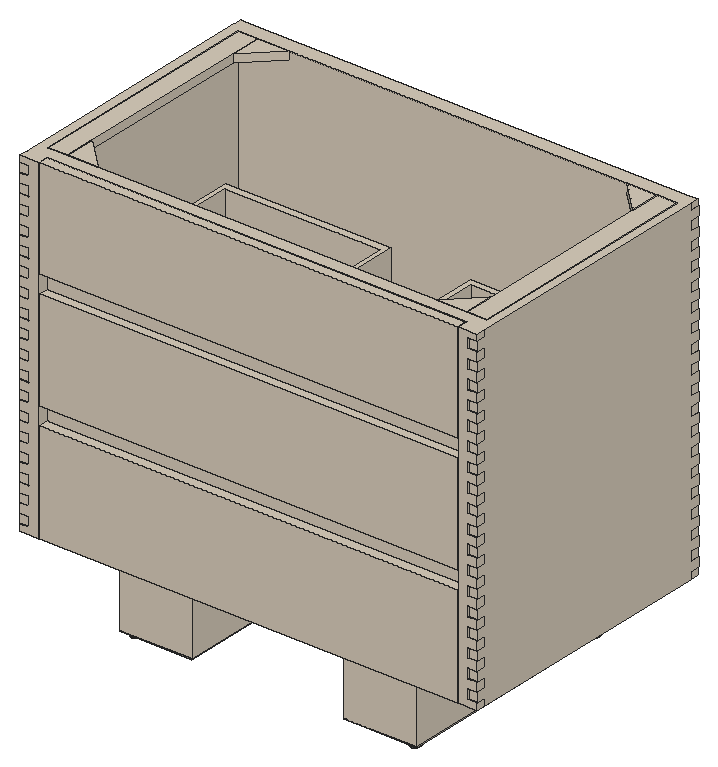
Revit family "Furniture-Floor_Mount-Vanity-KOHLER-Landshapes-K-32298_1", category Casework, host Face, Revit 2021
Family settings
  Host = Face
  OmniClass Number = 23.31.25.13
  OmniClass Title = Bathroom Cabinets
  Cut with Voids When Loaded = No
  Shared = No
  Room Calculation Point = No
Parameters (values of type "STT-White Oak")
  Width = 37.00787"  # constant formula
  WaterSense Certified = 1 = 0  # no
  URL = "https://www.us.kohler.com/us/"
  Type = 1
  Product Page URL = "http://www.us.kohler.com/us/catalog/productDetails.jsp?productNumber=32298"
  Product Name = "Landshapes"  # constant formula
  Product Documentation Link = "https://www.us.kohler.com/webassets/kpna/catalog/pdf/en/K-32298_spec_US-CA_Kohler_en.pdf"
  Model = if(Type = 1, "K-32298-STT", "NA")  # "K-32298-STT"
  Material = "Solid Wood"  # constant formula
  Master Format 2014 Name = "Bathroom Casework"  # constant formula
  Master Format 2014 = "12 35 30.23"  # constant formula
  Manufacturer Address = "Kohler  Co. 444 Highland Dr. Kohler, WI 53044"  # constant formula
  Manufacturer = "Kohler Co."  # constant formula
  Product Finish = Kohler-Wood-STT-White_Oak
  Height = 33.50394"  # constant formula
  Hardware Included = 1 = 0  # no
  Finish = if(Type = 1, "Kohler-Wood-STT", "NA")  # "Kohler-Wood-STT"
  Environmental Product Declaration = ""
  Description = "36 INCHES VANITY - DANIEL ARSHAM"  # constant formula
  Depth = 22.3622"  # constant formula
  Default Elevation = 0"
  Declare Label = ""
  Date Modified = "04/07/2024"  # constant formula
  Date Created = "04/07/2024"  # constant formula
  Copyright = "Copyright Kohler Co."  # constant formula
  Contact Us = "https://www.us.kohler.com/us/static/contact.jsp"
  Construction Type = "Floor Mount"  # constant formula
  Assembly Code = "E2010.30"
  ADA Compliant = 1 = 0  # no
Reference planes (in)
  plane 1 "Center (Front/Back)": y = 0
  plane 2: z = 0
  plane 3 "Center (Left/Right)": x = 0
  plane 4: y = 10.68898
  plane 5: y = -11.20079
  plane 6: x = -18.50394
  plane 7: x = 18.50394
  plane 8: y = -11.67323
  plane 9: z = 33.50394
  plane 10: y = 3.91732
  plane 11: y = -8.95669
  plane 12: x = -6
  plane 13: x = -11.3189
  plane 14: x = -13.89764
  plane 15: x = 6
  plane 16: x = 11.3189
  plane 17: x = 13.89764
  plane 18: z = 11.27559
  plane 19: z = 23.26772
  plane 20: z = 0.27559
  plane 21: z = 6.1811
  plane 22: y = 9.27165
Dimensions and locks (in)
  "Depth": plane 4 to plane 8
  "Height": plane 9 to level
  plane 8 to plane 10 = 15.59055"
  plane 12 to plane 15 = 12"
  plane 20 to level = 0.27559"
  plane 21 to plane 20 = 5.90551"
  plane 18 to plane 20 = 11"
  plane 19 to plane 18 = 11.99213"
  plane 22 to plane 11 = 18.22835"
  "Width": plane 6 to plane 7
  aligned and locked: plane 2 to host face
  aligned and locked: level to host face
  aligned and locked: plane 3 "Center (Left/Right)" to nested 1
  aligned and locked: plane 4 to nested 1
Automatic sketch dimensions
  host sketch curve to host sketch curve = 96"  (x2)
Nested families (in)
  nested 1: "K-32298" at (-0.7377, 12.32677, 0), type "K-32298"
Definition of nested family "K-32298"
  Parameters (values of type "K-32298")
    Material = none
    Depth = 24"
    Height = 33.50394"
    Width = 48"
    Default Elevation = 0"
  Reference planes (in)
    plane 1: z = 0
    plane 2 "Center (Left/Right)": x = 0.7377
    plane 3 "Left": x = -23.2623
    plane 4 "Right": x = 24.7377
    plane 5 "Front": y = -24
    plane 6 "Top": z = 33.50394
    plane 7: x = -17.76623
    plane 8: x = 19.24164
    plane 9: y = -1.6378
    plane 10: x = -16.15206
    plane 11: x = 17.62747
    plane 12: y = -8.40945
    plane 13: x = -5.2623
    plane 14: x = 6.7377
    plane 15: z = 0.27559
    plane 16: z = 6.1811
    plane 17: z = 11.27559
    plane 18: z = 23.26772
    plane 19: x = -10.58119
    plane 20: x = 12.0566
    plane 21: x = -11.28985
    plane 22: x = 12.76526
    plane 23: y = -2.38583
    plane 24: y = -21.28346
    plane 25: y = -3.05512
    plane 26: x = -17.76623
    plane 27: x = 19.24164
    plane 28: x = -16.15206
    plane 29: x = 17.62747
  Forms (in)
    Sweep 1, solid, material <- "Material", detail levels medium+fine
      path origin (0, 0, 0) x (1, 0, 0) y (0, 1, 0)
        loop
          line (-11.28985, -2.38583) -> (-11.28985, -22.0315) -> (-5.38434, -22.0315) -> (-5.38434, -2.38583) -> (-11.28985, -2.38583)
      profile origin (-11.28985, -12.20866, 0) x (1, 0, 0) y (0, 0, 1)
        loop
          line (0, 0.43342) -> (0.11832, 0.3151) -> (0.19685, 0.3151) -> (0.19685, 6.22082) -> (0, 6.22082) -> (0, 0.43342)
    Sweep 2, solid, material <- "Material", detail levels medium+fine
      path origin (1.47541, 0, 0) x (-1, 0, 0) y (0, -1, 0)
        loop
          line (-11.28985, 2.38583) -> (-5.38434, 2.38583) -> (-5.38434, 22.0315) -> (-11.28985, 22.0315) -> (-11.28985, 2.38583)
      profile origin (12.76526, -12.20866, 0) x (1, 0, 0) y (0, 0, 1)
        loop
          line (0, 0.43342) -> (0, 6.22082) -> (-0.19685, 6.22082) -> (-0.19685, 0.3151) -> (-0.11832, 0.3151) -> (0, 0.43342)
    Extrusion 3, solid, material <- "Material", detail levels medium+fine
      sketch origin (0, 0, 0) x (1, 0, 0) y (0, 1, 0)
        loop
          line (-11.093, -21.83465) -> (-5.58119, -21.83465) -> (-5.58119, -2.58268) -> (-11.093, -2.58268) -> (-11.093, -21.83465)
        loop
          line (7.0566, -2.58268) -> (7.0566, -21.83465) -> (12.56841, -21.83465) -> (12.56841, -2.58268) -> (7.0566, -2.58268)
      from 0.3151 to 6.22082
    Extrusion 4, solid, material <- "Material", detail levels medium+fine
      sketch origin (0, 0, 0) x (1, 0, 0) y (0, 1, 0)
        loop
          line (-16.27017, -24) -> (-16.27017, -23.17323) -> (17.74558, -23.17323) -> (17.74558, -23.25197) -> (17.74558, -24) -> (19.24164, -24) -> (19.24164, -1.6378) -> (18.49361, -1.6378) -> (-17.0182, -1.6378) -> (-17.76623, -1.6378) -> (-17.76623, -24) -> (-16.27017, -24)
        loop
          line (-17.0182, -22.11024) -> (18.49361, -22.11024) -> (18.49361, -2.85827) -> (-17.0182, -2.85827) -> (-17.0182, -22.11024)
      from 6.22082 to 33.46492
    Extrusion 5, void
      sketch origin (0.7377, 0, 0) x (0, 1, 0) y (0, 0, 1)
        loop
          line (-23.25197, 32.97279) -> (-23.25197, 33.54366) -> (-24.82677, 33.54366) -> (-24.82677, 5.9846) -> (-23.25197, 5.9846) -> (-23.25197, 6.79169) -> (-24, 6.79169) -> (-24, 7.53972) -> (-23.25197, 7.53972) -> (-23.25197, 8.28775) -> (-24, 8.28775) -> (-24, 9.03579) -> (-23.25197, 9.03579) -> (-23.25197, 9.78382) -> (-24, 9.78382) -> (-24, 10.53185) -> (-23.25197, 10.53185) -> (-23.25197, 11.27988) -> (-24, 11.27988) -> (-24, 12.02791) -> (-23.25197, 12.02791) -> (-23.25197, 12.77594) -> (-24, 12.77594) -> (-24, 13.52397) -> (-23.25197, 13.52397) -> (-23.25197, 14.27201) -> (-24, 14.27201) -> (-24, 15.02004) -> (-23.25197, 15.02004) -> (-23.25197, 15.76807) -> (-24, 15.76807) -> (-24, 16.5161) -> (-23.25197, 16.5161) -> (-23.25197, 17.26413) -> (-24, 17.26413) -> (-24, 18.01216) -> (-23.25197, 18.01216) -> (-23.25197, 18.76019) -> (-24, 18.76019) -> (-24, 19.50823) -> (-23.25197, 19.50823) -> (-23.25197, 20.25626) -> (-24, 20.25626) -> (-24, 21.00429) -> (-23.25197, 21.00429) -> (-23.25197, 21.75232) -> (-24, 21.75232) -> (-24, 22.50035) -> (-23.25197, 22.50035) -> (-23.25197, 23.24838) -> (-24, 23.24838) -> (-24, 23.99641) -> (-23.25197, 23.99641) -> (-23.25197, 24.74445) -> (-24, 24.74445) -> (-24, 25.49248) -> (-23.25197, 25.49248) -> (-23.25197, 26.24051) -> (-24, 26.24051) -> (-24, 26.98854) -> (-23.25197, 26.98854) -> (-23.25197, 27.73657) -> (-24, 27.73657) -> (-24, 28.4846) -> (-23.25197, 28.4846) -> (-23.25197, 29.23264) -> (-24, 29.23264) -> (-24, 29.98067) -> (-23.25197, 29.98067) -> (-23.25197, 30.7287) -> (-24, 30.7287) -> (-24, 31.47673) -> (-23.25197, 31.47673) -> (-23.25197, 32.22476) -> (-24, 32.22476) -> (-24, 32.97279) -> (-23.25197, 32.97279)
        loop
          line (-2.38583, 32.97279) -> (-1.6378, 32.97279) -> (-1.6378, 32.22476) -> (-2.38583, 32.22476) -> (-2.38583, 31.47673) -> (-1.6378, 31.47673) -> (-1.6378, 30.7287) -> (-2.38583, 30.7287) -> (-2.38583, 29.98067) -> (-1.6378, 29.98067) -> (-1.6378, 29.23264) -> (-2.38583, 29.23264) -> (-2.38583, 28.4846) -> (-1.6378, 28.4846) -> (-1.6378, 27.73657) -> (-2.38583, 27.73657) -> (-2.38583, 26.98854) -> (-1.6378, 26.98854) -> (-1.6378, 26.24051) -> (-2.38583, 26.24051) -> (-2.38583, 25.49248) -> (-1.6378, 25.49248) -> (-1.6378, 24.74445) -> (-2.38583, 24.74445) -> (-2.38583, 23.99641) -> (-1.6378, 23.99641) -> (-1.6378, 23.24838) -> (-2.38583, 23.24838) -> (-2.38583, 22.50035) -> (-1.6378, 22.50035) -> (-1.6378, 21.75232) -> (-2.38583, 21.75232) -> (-2.38583, 21.00429) -> (-1.6378, 21.00429) -> (-1.6378, 20.25626) -> (-2.38583, 20.25626) -> (-2.38583, 19.50823) -> (-1.6378, 19.50823) -> (-1.6378, 18.76019) -> (-2.38583, 18.76019) -> (-2.38583, 18.01216) -> (-1.6378, 18.01216) -> (-1.6378, 17.26413) -> (-2.38583, 17.26413) -> (-2.38583, 16.5161) -> (-1.6378, 16.5161) -> (-1.6378, 15.76807) -> (-2.38583, 15.76807) -> (-2.38583, 15.02004) -> (-1.6378, 15.02004) -> (-1.6378, 14.27201) -> (-2.38583, 14.27201) -> (-2.38583, 13.52397) -> (-1.6378, 13.52397) -> (-1.6378, 12.77594) -> (-2.38583, 12.77594) -> (-2.38583, 12.02791) -> (-1.6378, 12.02791) -> (-1.6378, 11.27988) -> (-2.38583, 11.27988) -> (-2.38583, 10.53185) -> (-1.6378, 10.53185) -> (-1.6378, 9.78382) -> (-2.38583, 9.78382) -> (-2.38583, 9.03579) -> (-1.6378, 9.03579) -> (-1.6378, 8.28775) -> (-2.38583, 8.28775) -> (-2.38583, 7.53972) -> (-1.6378, 7.53972) -> (-1.6378, 6.79169) -> (-2.38583, 6.79169) -> (-2.38583, 5.9846) -> (-0.81102, 5.9846) -> (-0.81102, 33.54366) -> (-2.38583, 33.54366) -> (-2.38583, 32.97279)
      from 18.47723 to 19.00922
    Extrusion 6, void
      sketch origin (0.7377, 0, 0) x (0, 1, 0) y (0, 0, -1)
        loop
          line (-23.25197, -32.97279) -> (-24, -32.97279) -> (-24, -32.22476) -> (-23.25197, -32.22476) -> (-23.25197, -31.47673) -> (-24, -31.47673) -> (-24, -30.7287) -> (-23.25197, -30.7287) -> (-23.25197, -29.98067) -> (-24, -29.98067) -> (-24, -29.23264) -> (-23.25197, -29.23264) -> (-23.25197, -28.4846) -> (-24, -28.4846) -> (-24, -27.73657) -> (-23.25197, -27.73657) -> (-23.25197, -26.98854) -> (-24, -26.98854) -> (-24, -26.24051) -> (-23.25197, -26.24051) -> (-23.25197, -25.49248) -> (-24, -25.49248) -> (-24, -24.74445) -> (-23.25197, -24.74445) -> (-23.25197, -23.99641) -> (-24, -23.99641) -> (-24, -23.24838) -> (-23.25197, -23.24838) -> (-23.25197, -22.50035) -> (-24, -22.50035) -> (-24, -21.75232) -> (-23.25197, -21.75232) -> (-23.25197, -21.00429) -> (-24, -21.00429) -> (-24, -20.25626) -> (-23.25197, -20.25626) -> (-23.25197, -19.50823) -> (-24, -19.50823) -> (-24, -18.76019) -> (-23.25197, -18.76019) -> (-23.25197, -18.01216) -> (-24, -18.01216) -> (-24, -17.26413) -> (-23.25197, -17.26413) -> (-23.25197, -16.5161) -> (-24, -16.5161) -> (-24, -15.76807) -> (-23.25197, -15.76807) -> (-23.25197, -15.02004) -> (-24, -15.02004) -> (-24, -14.27201) -> (-23.25197, -14.27201) -> (-23.25197, -13.52397) -> (-24, -13.52397) -> (-24, -12.77594) -> (-23.25197, -12.77594) -> (-23.25197, -12.02791) -> (-24, -12.02791) -> (-24, -11.27988) -> (-23.25197, -11.27988) -> (-23.25197, -10.53185) -> (-24, -10.53185) -> (-24, -9.78382) -> (-23.25197, -9.78382) -> (-23.25197, -9.03579) -> (-24, -9.03579) -> (-24, -8.28775) -> (-23.25197, -8.28775) -> (-23.25197, -7.53972) -> (-24, -7.53972) -> (-24, -6.79169) -> (-23.25197, -6.79169) -> (-23.25197, -5.9846) -> (-24.82677, -5.9846) -> (-24.82677, -33.54366) -> (-23.25197, -33.54366) -> (-23.25197, -32.97279)
        loop
          line (-2.38583, -32.97279) -> (-2.38583, -33.54366) -> (-0.81102, -33.54366) -> (-0.81102, -5.9846) -> (-2.38583, -5.9846) -> (-2.38583, -6.79169) -> (-1.6378, -6.79169) -> (-1.6378, -7.53972) -> (-2.38583, -7.53972) -> (-2.38583, -8.28775) -> (-1.6378, -8.28775) -> (-1.6378, -9.03579) -> (-2.38583, -9.03579) -> (-2.38583, -9.78382) -> (-1.6378, -9.78382) -> (-1.6378, -10.53185) -> (-2.38583, -10.53185) -> (-2.38583, -11.27988) -> (-1.6378, -11.27988) -> (-1.6378, -12.02791) -> (-2.38583, -12.02791) -> (-2.38583, -12.77594) -> (-1.6378, -12.77594) -> (-1.6378, -13.52397) -> (-2.38583, -13.52397) -> (-2.38583, -14.27201) -> (-1.6378, -14.27201) -> (-1.6378, -15.02004) -> (-2.38583, -15.02004) -> (-2.38583, -15.76807) -> (-1.6378, -15.76807) -> (-1.6378, -16.5161) -> (-2.38583, -16.5161) -> (-2.38583, -17.26413) -> (-1.6378, -17.26413) -> (-1.6378, -18.01216) -> (-2.38583, -18.01216) -> (-2.38583, -18.76019) -> (-1.6378, -18.76019) -> (-1.6378, -19.50823) -> (-2.38583, -19.50823) -> (-2.38583, -20.25626) -> (-1.6378, -20.25626) -> (-1.6378, -21.00429) -> (-2.38583, -21.00429) -> (-2.38583, -21.75232) -> (-1.6378, -21.75232) -> (-1.6378, -22.50035) -> (-2.38583, -22.50035) -> (-2.38583, -23.24838) -> (-1.6378, -23.24838) -> (-1.6378, -23.99641) -> (-2.38583, -23.99641) -> (-2.38583, -24.74445) -> (-1.6378, -24.74445) -> (-1.6378, -25.49248) -> (-2.38583, -25.49248) -> (-2.38583, -26.24051) -> (-1.6378, -26.24051) -> (-1.6378, -26.98854) -> (-2.38583, -26.98854) -> (-2.38583, -27.73657) -> (-1.6378, -27.73657) -> (-1.6378, -28.4846) -> (-2.38583, -28.4846) -> (-2.38583, -29.23264) -> (-1.6378, -29.23264) -> (-1.6378, -29.98067) -> (-2.38583, -29.98067) -> (-2.38583, -30.7287) -> (-1.6378, -30.7287) -> (-1.6378, -31.47673) -> (-2.38583, -31.47673) -> (-2.38583, -32.22476) -> (-1.6378, -32.22476) -> (-1.6378, -32.97279) -> (-2.38583, -32.97279)
      from 18.48902 to 19.92126
    Extrusion 7, void
      sketch origin (0, -24, 0) x (1, 0, 0) y (0, 0, 1)
        loop
          line (-17.0182, 32.97279) -> (-17.76623, 32.97279) -> (-17.76623, 33.76019) -> (-18.35678, 33.76019) -> (-18.35678, 5.80744) -> (-17.76623, 5.80744) -> (-17.76623, 6.79169) -> (-17.0182, 6.79169) -> (-17.0182, 7.53972) -> (-17.76623, 7.53972) -> (-17.76623, 8.28775) -> (-17.0182, 8.28775) -> (-17.0182, 9.03579) -> (-17.76623, 9.03579) -> (-17.76623, 9.78382) -> (-17.0182, 9.78382) -> (-17.0182, 10.53185) -> (-17.76623, 10.53185) -> (-17.76623, 11.27988) -> (-17.0182, 11.27988) -> (-17.0182, 12.02791) -> (-17.76623, 12.02791) -> (-17.76623, 12.77594) -> (-17.0182, 12.77594) -> (-17.0182, 13.52397) -> (-17.76623, 13.52397) -> (-17.76623, 14.27201) -> (-17.0182, 14.27201) -> (-17.0182, 15.02004) -> (-17.76623, 15.02004) -> (-17.76623, 15.76807) -> (-17.0182, 15.76807) -> (-17.0182, 16.5161) -> (-17.76623, 16.5161) -> (-17.76623, 17.26413) -> (-17.0182, 17.26413) -> (-17.0182, 18.01216) -> (-17.76623, 18.01216) -> (-17.76623, 18.76019) -> (-17.0182, 18.76019) -> (-17.0182, 19.50823) -> (-17.76623, 19.50823) -> (-17.76623, 20.25626) -> (-17.0182, 20.25626) -> (-17.0182, 21.00429) -> (-17.76623, 21.00429) -> (-17.76623, 21.75232) -> (-17.0182, 21.75232) -> (-17.0182, 22.50035) -> (-17.76623, 22.50035) -> (-17.76623, 23.24838) -> (-17.0182, 23.24838) -> (-17.0182, 23.99641) -> (-17.76623, 23.99641) -> (-17.76623, 24.74445) -> (-17.0182, 24.74445) -> (-17.0182, 25.49248) -> (-17.76623, 25.49248) -> (-17.76623, 26.24051) -> (-17.0182, 26.24051) -> (-17.0182, 26.98854) -> (-17.76623, 26.98854) -> (-17.76623, 27.73657) -> (-17.0182, 27.73657) -> (-17.0182, 28.4846) -> (-17.76623, 28.4846) -> (-17.76623, 29.23264) -> (-17.0182, 29.23264) -> (-17.0182, 29.98067) -> (-17.76623, 29.98067) -> (-17.76623, 30.7287) -> (-17.0182, 30.7287) -> (-17.0182, 31.47673) -> (-17.76623, 31.47673) -> (-17.76623, 32.22476) -> (-17.0182, 32.22476) -> (-17.0182, 32.97279)
        loop
          line (18.49361, 32.97279) -> (18.49361, 32.22476) -> (19.24164, 32.22476) -> (19.24164, 31.47673) -> (18.49361, 31.47673) -> (18.49361, 30.7287) -> (19.24164, 30.7287) -> (19.24164, 29.98067) -> (18.49361, 29.98067) -> (18.49361, 29.23264) -> (19.24164, 29.23264) -> (19.24164, 28.4846) -> (18.49361, 28.4846) -> (18.49361, 27.73657) -> (19.24164, 27.73657) -> (19.24164, 26.98854) -> (18.49361, 26.98854) -> (18.49361, 26.24051) -> (19.24164, 26.24051) -> (19.24164, 25.49248) -> (18.49361, 25.49248) -> (18.49361, 24.74445) -> (19.24164, 24.74445) -> (19.24164, 23.99641) -> (18.49361, 23.99641) -> (18.49361, 23.24838) -> (19.24164, 23.24838) -> (19.24164, 22.50035) -> (18.49361, 22.50035) -> (18.49361, 21.75232) -> (19.24164, 21.75232) -> (19.24164, 21.00429) -> (18.49361, 21.00429) -> (18.49361, 20.25626) -> (19.24164, 20.25626) -> (19.24164, 19.50823) -> (18.49361, 19.50823) -> (18.49361, 18.76019) -> (19.24164, 18.76019) -> (19.24164, 18.01216) -> (18.49361, 18.01216) -> (18.49361, 17.26413) -> (19.24164, 17.26413) -> (19.24164, 16.5161) -> (18.49361, 16.5161) -> (18.49361, 15.76807) -> (19.24164, 15.76807) -> (19.24164, 15.02004) -> (18.49361, 15.02004) -> (18.49361, 14.27201) -> (19.24164, 14.27201) -> (19.24164, 13.52397) -> (18.49361, 13.52397) -> (18.49361, 12.77594) -> (19.24164, 12.77594) -> (19.24164, 12.02791) -> (18.49361, 12.02791) -> (18.49361, 11.27988) -> (19.24164, 11.27988) -> (19.24164, 10.53185) -> (18.49361, 10.53185) -> (18.49361, 9.78382) -> (19.24164, 9.78382) -> (19.24164, 9.03579) -> (18.49361, 9.03579) -> (18.49361, 8.28775) -> (19.24164, 8.28775) -> (19.24164, 7.53972) -> (18.49361, 7.53972) -> (18.49361, 6.79169) -> (19.24164, 6.79169) -> (19.24164, 5.80744) -> (19.83219, 5.80744) -> (19.83219, 33.76019) -> (19.24164, 33.76019) -> (19.24164, 32.97279) -> (18.49361, 32.97279)
      from -0.03852 to 2.32553
    Extrusion 8, solid, material <- "Material", detail levels medium+fine
      sketch origin (0, -24, 0) x (1, 0, 0) y (0, 0, 1)
        loop
          line (-16.15206, 25.39405) -> (17.62747, 25.39405) -> (17.62747, 33.46492) -> (-16.15206, 33.46492) -> (-16.15206, 25.39405)
        loop
          line (17.62747, 23.93736) -> (-16.15206, 23.93736) -> (-16.15206, 15.86649) -> (17.62747, 15.86649) -> (17.62747, 23.93736)
        loop
          line (17.62747, 6.22082) -> (17.62747, 14.4098) -> (-16.15206, 14.4098) -> (-16.15206, 6.22082) -> (17.62747, 6.22082)
      from -0.82677 to -0.03852
    Extrusion 9, solid, material <- "Material", detail levels medium+fine
      sketch origin (0, 0, 0) x (1, 0, 0) y (0, 1, 0)
        loop
          line (-17.0182, -2.85827) -> (-17.0182, -22.11024) -> (18.49361, -22.11024) -> (18.49361, -2.85827) -> (-17.0182, -2.85827)
      from 6.22082 to 6.81521
    Extrusion 10, solid, material <- "Material", detail levels medium+fine
      sketch origin (0, 0, 0) x (1, 0, 0) y (0, 1, 0)
        loop
          line (18.49361, -2.85827) -> (14.41487, -2.85827) -> (16.91881, -5.3622) -> (16.91881, -19.6063) -> (14.41487, -22.11024) -> (18.49361, -22.11024) -> (18.49361, -2.85827)
        loop
          line (-17.0182, -22.11024) -> (-12.93946, -22.11024) -> (-15.4434, -19.6063) -> (-15.4434, -5.3622) -> (-12.93946, -2.85827) -> (-17.0182, -2.85827) -> (-17.0182, -22.11024)
      from 32.79563 to 33.46492
    Extrusion 11, void
      sketch origin (0, 0, 0) x (1, 0, 0) y (0, 1, 0)
        loop
          line (16.91881, -5.3622) -> (16.91881, -2.85827) -> (16.87676, -2.85827) -> (16.87676, -5.32016) -> (16.91881, -5.3622)
        loop
          line (16.91881, -19.6063) -> (16.87676, -19.64835) -> (16.87676, -22.11024) -> (16.91881, -22.11024) -> (16.91881, -19.6063)
        loop
          line (-15.4434, -5.3622) -> (-15.40135, -5.32016) -> (-15.40135, -2.85827) -> (-15.4434, -2.85827) -> (-15.4434, -5.3622)
        loop
          line (-15.4434, -19.6063) -> (-15.4434, -22.11024) -> (-15.40135, -22.11024) -> (-15.40135, -19.64835) -> (-15.4434, -19.6063)
      from 32.28765 to 38.28806
    Extrusion 12, solid, material <- "Material", detail levels medium+fine
      sketch origin (0, 0, 0) x (1, 0, 0) y (0, 1, 0)
        loop
          line (-2.90403, -6.08661) -> (-2.90403, -23.09449) -> (-2.51033, -23.09449) -> (-2.51033, -15.77165) -> (3.98574, -15.77165) -> (3.98574, -23.09449) -> (4.37944, -23.09449) -> (4.37944, -6.08661) -> (16.97518, -6.08661) -> (16.97518, -22.11024) -> (17.35188, -22.11024) -> (17.35188, -5.5748) -> (3.98574, -5.5748) -> (3.98574, -15.37795) -> (-2.51033, -15.37795) -> (-2.51033, -5.5748) -> (-15.87647, -5.5748) -> (-15.87647, -22.62205) -> (-15.48277, -22.62205) -> (-15.48277, -6.08661) -> (-2.90403, -6.08661)
      from 16.5161 to 23.99641
    Extrusion 13, solid, material <- "Material"
      sketch origin (0, 0, 0) x (1, 0, 0) y (0, 1, 0)
        loop
          line (17.35188, -5.5748) -> (-15.87647, -5.5748) -> (-15.87647, -23.2126) -> (-15.48277, -23.2126) -> (-15.48277, -6.08661) -> (16.76133, -6.08661) -> (16.76133, -22.70079) -> (17.35188, -22.70079) -> (17.35188, -5.5748)
      from 8.28775 to 13.94324
    Extrusion 14, solid, material <- "Material", detail levels medium+fine
      sketch origin (0, 0, 0) x (1, 0, 0) y (0, 1, 0)
        loop
          line (-15.48277, -6.08661) -> (-15.48277, -23.09449) -> (16.97518, -23.09449) -> (16.97518, -6.08661) -> (3.88731, -6.08661) -> (3.88731, -15.37795) -> (-2.60875, -15.37795) -> (-2.60875, -6.08661) -> (-15.48277, -6.08661)
      from 16.5161 to 17.14986
    Extrusion 15, solid, material <- "Material"
      sketch origin (0, 0, 0) x (1, 0, 0) y (0, 1, 0)
        loop
          line (-15.48277, -6.08661) -> (-15.48277, -23.09449) -> (16.76133, -23.09449) -> (16.76133, -6.08661) -> (-15.48277, -6.08661)
      from 8.28775 to 8.62613
    Extrusion 16, solid, detail levels medium+fine
      sketch origin (0, -24, 0) x (1, 0, 0) y (0, 0, 1)
        loop
          line (-16.07332, 15.5476) -> (-14.82529, 15.5476)
          arc (-14.82529, 15.5476) -> (-14.74177, 15.58219) -> (-14.70718, 15.66571) r 0.11811
          line (-14.70718, 15.66571) -> (-14.70718, 16.08303) -> (-15.06151, 16.08303) -> (-15.06151, 15.92555) -> (-14.78592, 15.92555) -> (-14.78592, 15.66569)
          arc (-14.78592, 15.66569) -> (-14.79745, 15.63786) -> (-14.82529, 15.62632) r 0.03937
          line (-14.82529, 15.62632) -> (-16.07332, 15.62632)
          arc (-16.07332, 15.62632) -> (-16.15684, 15.66092) -> (-16.19143, 15.74443) r 0.11811
          line (-16.19143, 15.74443) -> (-16.19143, 16.18231) -> (-16.15206, 16.22168) -> (-16.15206, 16.86059) -> (-16.27017, 16.86059) -> (-16.27017, 16.55547) -> (-16.46702, 16.55547) -> (-16.46702, 16.16177) -> (-16.27017, 16.16177) -> (-16.27017, 15.74445)
          arc (-16.27017, 15.74445) -> (-16.21251, 15.60525) -> (-16.07332, 15.5476) r 0.19685
        loop
          line (-14.68299, 15.62632) -> (-14.39161, 15.62632) -> (-14.39161, 15.69236) -> (-14.49166, 15.69236) -> (-14.49166, 15.82494) -> (-14.42531, 15.82494) -> (-14.42531, 16.1072) -> (-13.83476, 16.1072) -> (-13.83476, 16.21386) -> (-13.49888, 16.21386) -> (-13.49888, 16.44956) -> (-13.6462, 16.44956) -> (-13.6462, 16.5161) -> (-15.48277, 16.5161) -> (-15.48277, 16.1072) -> (-15.38149, 16.1072) -> (-15.38149, 15.64563) -> (-14.92894, 15.64563) -> (-14.92894, 15.91035) -> (-15.07669, 15.91035) -> (-15.07669, 16.1072) -> (-14.68299, 16.1072) -> (-14.68299, 15.62632)
        loop
          arc (17.54873, 15.5476) -> (17.68792, 15.60525) -> (17.74558, 15.74445) r 0.19685
          line (17.74558, 15.74445) -> (17.74558, 16.16177) -> (17.94243, 16.16177) -> (17.94243, 16.55547) -> (17.74558, 16.55547) -> (17.74558, 16.86059) -> (17.62747, 16.86059) -> (17.62747, 16.22168) -> (17.66684, 16.18231) -> (17.66684, 15.74443)
          arc (17.66684, 15.74443) -> (17.63225, 15.66092) -> (17.54873, 15.62632) r 0.11811
          line (17.54873, 15.62632) -> (16.06448, 15.62632)
          arc (16.06448, 15.62632) -> (16.03664, 15.63786) -> (16.02511, 15.66569) r 0.03937
          line (16.02511, 15.66569) -> (16.02511, 15.92555) -> (16.3007, 15.92555) -> (16.3007, 16.08303) -> (15.94637, 16.08303) -> (15.94637, 15.66571)
          arc (15.94637, 15.66571) -> (15.98096, 15.58219) -> (16.06448, 15.5476) r 0.11811
          line (16.06448, 15.5476) -> (17.54873, 15.5476)
        loop
          line (15.92218, 15.62632) -> (15.92218, 16.1072) -> (16.31588, 16.1072) -> (16.31588, 15.91035) -> (16.16813, 15.91035) -> (16.16813, 15.64563) -> (16.62067, 15.64563) -> (16.62067, 16.1072) -> (16.72196, 16.1072) -> (16.72196, 16.5161) -> (14.82633, 16.5161) -> (14.82633, 16.44956) -> (14.67902, 16.44956) -> (14.67902, 16.21386) -> (15.0149, 16.21386) -> (15.0149, 16.1072) -> (15.60545, 16.1072) -> (15.60545, 15.82494) -> (15.73085, 15.82494) -> (15.73085, 15.69236) -> (15.57175, 15.69236) -> (15.57175, 15.62632) -> (15.92218, 15.62632)
        loop
          line (-16.07332, 7.31925) -> (-14.82529, 7.31925)
          arc (-14.82529, 7.31925) -> (-14.74177, 7.35384) -> (-14.70718, 7.43736) r 0.11811
          line (-14.70718, 7.43736) -> (-14.70718, 7.85468) -> (-15.06151, 7.85468) -> (-15.06151, 7.6972) -> (-14.78592, 7.6972) -> (-14.78592, 7.43735)
          arc (-14.78592, 7.43735) -> (-14.79745, 7.40951) -> (-14.82529, 7.39798) r 0.03937
          line (-14.82529, 7.39798) -> (-16.07332, 7.39798)
          arc (-16.07332, 7.39798) -> (-16.15684, 7.43257) -> (-16.19143, 7.51609) r 0.11811
          line (-16.19143, 7.51609) -> (-16.19143, 7.95397) -> (-16.15206, 7.99334) -> (-16.15206, 8.63224) -> (-16.27017, 8.63224) -> (-16.27017, 8.32712) -> (-16.46702, 8.32712) -> (-16.46702, 7.93342) -> (-16.27017, 7.93342) -> (-16.27017, 7.5161)
          arc (-16.27017, 7.5161) -> (-16.21251, 7.37691) -> (-16.07332, 7.31925) r 0.19685
        loop
          line (-14.68299, 7.39798) -> (-14.19476, 7.39798) -> (-14.19476, 7.46401) -> (-14.35387, 7.46401) -> (-14.35387, 7.5966) -> (-14.22846, 7.5966) -> (-14.22846, 7.87886) -> (-13.63791, 7.87886) -> (-13.63791, 7.98551) -> (-13.30203, 7.98551) -> (-13.30203, 8.22121) -> (-13.44935, 8.22121) -> (-13.44935, 8.28775) -> (-15.48277, 8.28775) -> (-15.48277, 7.87886) -> (-15.38149, 7.87886) -> (-15.38149, 7.41729) -> (-14.92894, 7.41729) -> (-14.92894, 7.68201) -> (-15.07669, 7.68201) -> (-15.07669, 7.87886) -> (-14.68299, 7.87886) -> (-14.68299, 7.39798)
        loop
          arc (17.54873, 7.31925) -> (17.68792, 7.37691) -> (17.74558, 7.5161) r 0.19685
          line (17.74558, 7.5161) -> (17.74558, 7.93342) -> (17.94243, 7.93342) -> (17.94243, 8.32712) -> (17.74558, 8.32712) -> (17.74558, 8.63224) -> (17.62747, 8.63224) -> (17.62747, 7.99334) -> (17.66684, 7.95397) -> (17.66684, 7.51609)
          arc (17.66684, 7.51609) -> (17.63225, 7.43257) -> (17.54873, 7.39798) r 0.11811
          line (17.54873, 7.39798) -> (16.35975, 7.39798)
          arc (16.35975, 7.39798) -> (16.33191, 7.40951) -> (16.32038, 7.43735) r 0.03937
          line (16.32038, 7.43735) -> (16.32038, 7.6972) -> (16.59597, 7.6972) -> (16.59597, 7.85468) -> (16.24164, 7.85468) -> (16.24164, 7.43736)
          arc (16.24164, 7.43736) -> (16.27624, 7.35384) -> (16.35975, 7.31925) r 0.11811
          line (16.35975, 7.31925) -> (17.54873, 7.31925)
        loop
          line (16.21745, 7.39798) -> (16.21745, 7.87886) -> (16.61116, 7.87886) -> (16.61116, 7.68201) -> (16.4634, 7.68201) -> (16.4634, 7.41729) -> (16.91595, 7.41729) -> (16.91595, 7.87886) -> (17.01723, 7.87886) -> (17.01723, 8.28775) -> (15.12161, 8.28775) -> (15.12161, 8.22121) -> (14.97429, 8.22121) -> (14.97429, 7.98551) -> (15.31017, 7.98551) -> (15.31017, 7.87886) -> (15.90072, 7.87886) -> (15.90072, 7.5966) -> (16.02613, 7.5966) -> (16.02613, 7.46401) -> (15.86702, 7.46401) -> (15.86702, 7.39798) -> (16.21745, 7.39798)
      from -18.65126 to -1.37795
    Revolve 17, solid, detail levels medium+fine
      sketch origin (0, -21.28346, 42.3372) x (0, 0, 1) y (-1, 0, 0)
        loop
          line (-42.3372, 10.58119) -> (-42.02188, 10.58119) -> (-42.02188, 10.97489) -> (-42.28835, 10.97489)
          arc (-42.28835, 10.97489) -> (-42.32289, 10.96059) -> (-42.3372, 10.92604) r 0.04885
          line (-42.3372, 10.92604) -> (-42.3372, 10.58119)
        axis (-42.3372, 10.58119) -> (-42.02188, 10.58119)
      angle from 0 to 360
    Revolve 18, solid, detail levels medium+fine
      sketch origin (0, -3.13386, 42.3372) x (0, 0, 1) y (1, 0, 0)
        loop
          line (-42.3372, -10.58119) -> (-42.3372, -10.92604)
          arc (-42.3372, -10.92604) -> (-42.32289, -10.96059) -> (-42.28835, -10.97489) r 0.04885
          line (-42.28835, -10.97489) -> (-42.02188, -10.97489) -> (-42.02188, -10.58119) -> (-42.3372, -10.58119)
        axis (-42.3372, -10.58119) -> (-42.02188, -10.58119)
      angle from 0 to 360
    Revolve 19, solid, detail levels medium+fine
      sketch origin (1.47541, -21.28346, 42.3372) x (0, 0, 1) y (-1, 0, 0)
        loop
          line (-42.3372, -10.58119) -> (-42.3372, -10.92604)
          arc (-42.3372, -10.92604) -> (-42.32289, -10.96059) -> (-42.28835, -10.97489) r 0.04885
          line (-42.28835, -10.97489) -> (-42.02188, -10.97489) -> (-42.02188, -10.58119) -> (-42.3372, -10.58119)
        axis (-42.3372, -10.58119) -> (-42.02188, -10.58119)
      angle from 0 to 360
    Revolve 20, solid, detail levels medium+fine
      sketch origin (1.47541, -3.13386, 42.3372) x (0, 0, 1) y (1, 0, 0)
        loop
          line (-42.3372, 10.58119) -> (-42.02188, 10.58119) -> (-42.02188, 10.97489) -> (-42.28835, 10.97489)
          arc (-42.28835, 10.97489) -> (-42.32289, 10.96059) -> (-42.3372, 10.92604) r 0.04885
          line (-42.3372, 10.92604) -> (-42.3372, 10.58119)
        axis (-42.3372, 10.58119) -> (-42.02188, 10.58119)
      angle from 0 to 360
    Extrusion 21, solid, material <- "Material", detail levels medium+fine
      sketch origin (24.7377, 0, 0) x (0, -1, 0) y (0, 0, 1)
        loop
          arc (17.37743, 24.24357) -> (16.99426, 23.98754) -> (16.54227, 23.89764) r 1.1811
          line (16.54227, 23.89764) -> (22.84148, 23.89764) -> (22.84148, 27.75591) -> (21.37899, 27.75591)
          arc (21.37899, 27.75591) -> (20.927, 27.666) -> (20.54383, 27.40997) r 1.1811
          line (20.54383, 27.40997) -> (17.37743, 24.24357)
      from 7.48425 to 7.86095
    Extrusion 22, solid, material <- "Material", detail levels medium+fine
      sketch origin (-23.2623, 0, 0) x (0, -1, 0) y (0, 0, -1)
        loop
          line (17.37743, -24.24357) -> (20.54383, -27.40997)
          arc (20.54383, -27.40997) -> (20.927, -27.666) -> (21.37899, -27.75591) r 1.1811
          line (21.37899, -27.75591) -> (22.84148, -27.75591) -> (22.84148, -23.89764) -> (16.54227, -23.89764)
          arc (16.54227, -23.89764) -> (16.99426, -23.98754) -> (17.37743, -24.24357) r 1.1811
      from 7.38583 to 7.77953
    Extrusion 23, solid, material <- "Material", detail levels coarse
      sketch origin (0, 0.03937, 0) x (1, 0, 0) y (0, 1, 0)
        loop
          line (-17.76623, -24) -> (4.47786, -24) -> (19.24164, -24) -> (19.24164, -1.6378) -> (18.49361, -1.6378) -> (-17.0182, -1.6378) -> (-17.76623, -1.6378) -> (-17.76623, -24)
        loop
          line (-17.0182, -22.11024) -> (18.49361, -22.11024) -> (18.49361, -2.85827) -> (-17.0182, -2.85827) -> (-17.0182, -22.11024)
      from 6.22082 to 33.46492
    Extrusion 24, solid, material <- "Material", detail levels coarse
      sketch origin (-0.09843, 0, 0) x (1, 0, 0) y (0, 1, 0)
        loop
          line (-2.90403, -6.08661) -> (-2.90403, -23.09449) -> (-2.51033, -23.09449) -> (-2.51033, -15.77165) -> (3.98574, -15.77165) -> (3.98574, -23.09449) -> (4.37944, -23.09449) -> (4.37944, -6.08661) -> (16.97518, -6.08661) -> (16.97518, -22.11024) -> (17.35188, -22.11024) -> (17.35188, -5.5748) -> (3.98574, -5.5748) -> (3.98574, -15.37795) -> (-2.51033, -15.37795) -> (-2.51033, -5.5748) -> (-15.87647, -5.5748) -> (-15.87647, -22.62205) -> (-15.48277, -22.62205) -> (-15.48277, -6.08661) -> (-2.90403, -6.08661)
      from 16.5161 to 23.99641
    Extrusion 25, solid, material <- "Material", detail levels coarse
      sketch origin (0, 0, 0) x (1, 0, 0) y (0, 1, 0)
        loop
          line (-11.28985, -2.38583) -> (-11.28985, -22.0315) -> (-5.38434, -22.0315) -> (-5.38434, -2.38583) -> (-11.28985, -2.38583)
        loop
          line (6.85975, -2.38583) -> (6.85975, -22.0315) -> (12.76526, -22.0315) -> (12.76526, -2.38583) -> (6.85975, -2.38583)
      from 0.3151 to 6.22082
    Extrusion 26, solid, material <- "Material", detail levels coarse
      sketch origin (0.09575, -0.07874, 0) x (1, 0, 0) y (0, 1, 0)
        loop
          line (-15.53914, -6.08661) -> (-15.53914, -23.09449) -> (16.97518, -23.09449) -> (16.97518, -6.08661) -> (3.79156, -6.08661) -> (3.79156, -15.29921) -> (-2.7045, -15.29921) -> (-2.7045, -6.08661) -> (-15.53914, -6.08661)
      from 16.5161 to 17.14986
    Extrusion 27, solid, detail levels coarse
      sketch origin (0, 0, 0) x (1, 0, 0) y (0, 1, 0)
        loop
          circle (-10.58119, -3.13386) r 0.3937
        loop
          circle (-10.58119, -21.28346) r 0.3937
        loop
          circle (12.0566, -21.28346) r 0.3937
        loop
          circle (12.0566, -3.13386) r 0.3937
      from 0 to 0.43342
    Extrusion 28, solid, material <- "Material", detail levels coarse
      sketch origin (0, 0.03937, 0) x (1, 0, 0) y (0, 1, 0)
        loop
          line (-17.0182, -2.85827) -> (-17.0182, -22.11024) -> (18.49361, -22.11024) -> (18.49361, -2.85827) -> (-17.0182, -2.85827)
      from 6.22082 to 6.81521
    Extrusion 29, void
      sketch origin (0, -24, 0) x (1, 0, 0) y (0, 0, 1)
        loop
          line (-16.15206, 25.35433) -> (-16.15206, 24.01575) -> (17.62747, 24.01575) -> (17.62747, 25.35433) -> (-16.15206, 25.35433)
        loop
          line (-16.15206, 14.48819) -> (17.62747, 14.48819) -> (17.62747, 15.82677) -> (-16.15206, 15.82677) -> (-16.15206, 14.48819)
        loop
          line (-16.27017, 33.50394) -> (-16.27017, 6.1811) -> (-16.19391, 6.1811) -> (-16.19391, 33.50394) -> (-16.27017, 33.50394)
        loop
          line (17.74558, 33.50394) -> (17.66932, 33.50394) -> (17.66932, 6.1811) -> (17.74558, 6.1811) -> (17.74558, 33.50394)
      from -0.37162 to 1.73137
    Extrusion 30, solid, material <- "Material", detail levels medium+fine
      sketch origin (0, 0, 0) x (1, 0, 0) y (0, 0, 1)
        loop
          line (18.50394, 8.85827) -> (17.75591, 8.85827) -> (17.75591, 6.45669) -> (18.50394, 6.45669) -> (18.50394, 8.85827)
        loop
          line (18.50394, 14.48819) -> (18.50394, 16.47638) -> (17.75591, 16.47638) -> (17.75591, 14.48819) -> (18.50394, 14.48819)
        loop
          line (-17.02853, 8.85827) -> (-17.02853, 6.45669) -> (-16.2805, 6.45669) -> (-16.2805, 8.85827) -> (-17.02853, 8.85827)
        loop
          line (-17.02853, 14.48819) -> (-16.2805, 14.48819) -> (-16.2805, 16.47638) -> (-17.02853, 16.47638) -> (-17.02853, 14.48819)
      from 2.38583 to 23.25197
    Extrusion 31, void
      sketch origin (0, -24, 0) x (1, 0, 0) y (0, 0, 1)
        loop
          line (-2.50984, 11.9685) -> (3.98622, 11.9685) -> (3.98622, 14.37008) -> (-2.50984, 14.37008) -> (-2.50984, 11.9685)
      from -20.03605 to -14.12152
    Extrusion 32, void
      sketch origin (0, -24, 0) x (1, 0, 0) y (0, 0, 1)
        loop
          line (17.25345, 27.75591) -> (17.25345, 31.69291) -> (-15.81741, 31.69291) -> (-15.81741, 27.75591) -> (17.25345, 27.75591)
      from -6.9849 to -0.74803
  Cuts and joins
    joined: Sweep 1, Sweep 2, Extrusion 3
    Extrusion 5, Extrusion 6, Extrusion 7, Extrusion 32 cuts Extrusion 4
    Extrusion 11 cuts Extrusion 10
    joined: Extrusion 12, Extrusion 21, Extrusion 22
    Extrusion 31 cuts Extrusion 13
    joined: Extrusion 13, Extrusion 15
    Extrusion 29, Extrusion 32 cuts Extrusion 23
    Extrusion 32 cuts Extrusion 8
  Lines and regions (in)
    Masking region 1
      outline origin (0, 0, 0) x (1, 0, 0) y (0, 1, 0)
        loop
          line (-17.76623, -1.6378) -> (-17.76623, -24) -> (-16.27017, -24) -> (-16.27017, -23.17323) -> (-15.87647, -23.17323) -> (-15.87647, -23.25197) -> (-16.15206, -23.25197) -> (-16.15206, -24) -> (17.62747, -24) -> (17.62747, -23.25197) -> (17.35188, -23.25197) -> (17.35188, -23.17323) -> (17.74558, -23.17323) -> (17.74558, -24) -> (19.24164, -24) -> (19.24164, -1.6378) -> (-17.76623, -1.6378)
    Masking region 2
      outline origin (0, -24, 0) x (1, 0, 0) y (0, 0, 1)
        loop
          line (0.7377, 33.50394) -> (-17.76623, 33.50394) -> (-17.76623, 6.1811) -> (-11.28985, 6.1811) -> (-11.28985, 0.3937) -> (-11.17174, 0.27559) -> (-10.97489, 0.27559) -> (-10.97489, 0.07607)
          arc (-10.97489, 0.07607) -> (-10.95261, 0.02228) -> (-10.89882, 0) r 0.07607
          line (-10.89882, 0) -> (-10.58119, 0) -> (-10.26357, 0)
          arc (-10.26357, 0) -> (-10.20977, 0.02228) -> (-10.18749, 0.07607) r 0.07607
          line (-10.18749, 0.07607) -> (-10.18749, 0.27559) -> (-5.50245, 0.27559) -> (-5.38434, 0.3937) -> (-5.38434, 6.1811) -> (0.7377, 6.1811) -> (6.85975, 6.1811) -> (6.85975, 0.3937) -> (6.97786, 0.27559) -> (11.6629, 0.27559) -> (11.6629, 0.07607)
          arc (11.6629, 0.07607) -> (11.68518, 0.02228) -> (11.73898, 0) r 0.07607
          line (11.73898, 0) -> (12.0566, 0) -> (12.37423, 0)
          arc (12.37423, 0) -> (12.42802, 0.02228) -> (12.4503, 0.07607) r 0.07607
          line (12.4503, 0.07607) -> (12.4503, 0.27559) -> (12.64715, 0.27559) -> (12.76526, 0.3937) -> (12.76526, 6.1811) -> (19.24164, 6.1811) -> (19.24164, 33.50394) -> (0.7377, 33.50394)
    Masking region 3
      outline origin (-23.2623, 0, 0) x (0, -1, 0) y (0, 0, 1)
        loop
          line (2.38583, 0.3937) -> (2.50394, 0.27559) -> (2.70079, 0.27559) -> (2.70079, 0.0701)
          arc (2.70079, 0.0701) -> (2.72132, 0.02053) -> (2.77089, 0) r 0.0701
          line (2.77089, 0) -> (3.05512, 0) -> (3.41316, 0)
          arc (3.41316, 0) -> (3.46273, 0.02053) -> (3.48327, 0.0701) r 0.0701
          line (3.48327, 0.0701) -> (3.48327, 0.27559) -> (20.92869, 0.27559) -> (20.92869, 0.0701)
          arc (20.92869, 0.0701) -> (20.94923, 0.02053) -> (20.9988, 0) r 0.0701
          line (20.9988, 0) -> (21.35684, 0) -> (21.64107, 0)
          arc (21.64107, 0) -> (21.69064, 0.02053) -> (21.71117, 0.0701) r 0.0701
          line (21.71117, 0.0701) -> (21.71117, 0.27559) -> (21.90802, 0.27559) -> (22.02613, 0.3937) -> (22.02613, 6.1811) -> (24, 6.1811) -> (24, 33.4252) -> (23.92126, 33.4252) -> (23.92126, 33.50394) -> (1.71654, 33.50394) -> (1.71654, 33.4252) -> (1.6378, 33.4252) -> (1.6378, 6.1811) -> (2.38583, 6.1811) -> (2.38583, 0.3937)
    symbolic lines, detail levels medium+fine
      curve 1: line (-17.76623, -1.71654, 0) -> (-17.0182, -1.71654, 0)
      curve 2: line (-17.0182, -2.85827, 0) -> (-17.0182, -1.71654, 0)
      curve 3: line (-17.0182, -1.71654, 0) -> (18.49361, -1.71654, 0)
      curve 4: line (-17.0182, -2.85827, 0) -> (18.49361, -2.85827, 0)
      curve 5: line (-15.4434, -22.11024, 0) -> (-15.4434, -2.85827, 0)
      curve 6: line (-17.0182, -22.11024, 0) -> (-17.0182, -2.85827, 0)
      curve 7: line (-17.76623, -24, 0) -> (-17.0182, -23.25197, 0)
      curve 8: line (-16.27017, -23.92126, 0) -> (-17.68749, -23.92126, 0)
      curve 9: line (-17.0182, -23.25197, 0) -> (-16.27017, -23.25197, 0)
      curve 10: line (-17.0182, -23.25197, 0) -> (-17.0182, -22.11024, 0)
      curve 11: line (18.49361, -22.11024, 0) -> (-17.0182, -22.11024, 0)
      curve 12: line (17.74558, -23.17323, 0) -> (-16.27017, -23.17323, 0)
      curve 13: line (17.62747, -23.25197, 0) -> (-16.15206, -23.25197, 0)
      curve 14: line (-2.90403, -6.08661, 0) -> (-2.90403, -22.11024, 0)
      curve 15: line (-2.51033, -22.11024, 0) -> (-2.51033, -5.5748, 0)
      curve 16: line (-2.51033, -15.77165, 0) -> (3.98574, -15.77165, 0)
      curve 17: line (3.98574, -15.37795, 0) -> (-2.51033, -15.37795, 0)
      curve 18: line (3.98574, -5.5748, 0) -> (3.98574, -22.11024, 0)
      curve 19: line (4.37944, -22.11024, 0) -> (4.37944, -6.08661, 0)
      curve 20: line (16.91881, -5.5748, 0) -> (-15.4434, -5.5748, 0)
      curve 21: line (-15.4434, -6.08661, 0) -> (16.91881, -6.08661, 0)
      curve 22: line (-15.42325, -5.33935, 0) -> (-14.18722, -5.33935, 0)
      curve 23: line (-14.18722, -5.33935, 0) -> (-14.18722, -5.5748, 0)
      curve 24: line (-14.21406, -5.33935, 0) -> (-14.21406, -5.5748, 0)
      curve 25: line (-15.34768, -5.51368, 0) -> (-15.42325, -5.51368, 0)
      curve 26: line (-15.42325, -5.51368, 0) -> (-15.42325, -5.33935, 0)
      curve 27: line (-15.34768, -5.51368, 0) -> (-15.34768, -5.39914, 0)
      curve 28: line (-15.34768, -5.39914, 0) -> (-14.54898, -5.39914, 0)
      curve 29: line (-14.54898, -5.39914, 0) -> (-14.54898, -5.5748, 0)
      curve 30: line (-15.36653, -5.51368, 0) -> (-15.36653, -5.5748, 0)
      curve 31: line (-15.28388, -5.39914, 0) -> (-15.28388, -5.33935, 0)
      curve 32: line (-15.1447, -5.39914, 0) -> (-15.1447, -5.33935, 0)
      curve 33: line (-14.67077, -5.39914, 0) -> (-14.67077, -5.33935, 0)
      curve 34: line (-14.72006, -5.39914, 0) -> (-14.72006, -5.5748, 0)
      curve 35: line (-15.18384, -5.39914, 0) -> (-15.18384, -5.5748, 0)
      curve 36: line (-14.3141, -5.33935, 0) -> (-14.3141, -5.5748, 0)
      curve 37: line (19.24164, -1.71654, 0) -> (18.49361, -1.71654, 0)
      curve 38: line (18.49361, -2.85827, 0) -> (18.49361, -1.71654, 0)
      curve 39: line (16.91881, -22.11024, 0) -> (16.91881, -2.85827, 0)
      curve 40: line (18.49361, -22.11024, 0) -> (18.49361, -2.85827, 0)
      curve 41: line (19.24164, -24, 0) -> (18.49361, -23.25197, 0)
      curve 42: line (17.74558, -23.92126, 0) -> (19.1629, -23.92126, 0)
      curve 43: line (18.49361, -23.25197, 0) -> (17.74558, -23.25197, 0)
      curve 44: line (18.49361, -23.25197, 0) -> (18.49361, -22.11024, 0)
      curve 45: line (-17.75639, -24, 33.4252) -> (-16.27017, -24, 33.4252)
      curve 46: line (-17.68749, -24, 33.50394) -> (-17.68749, -24, 33.4252)
      curve 47: line (-17.75639, -24, 33.4252) -> (-17.75639, -24, 33.50394)
      curve 48: line (-16.27017, -24, 6.1811) -> (-16.27017, -24, 33.50394)
      curve 49: line (-17.0182, -24, 32.93307) -> (-17.76623, -24, 32.93307)
      curve 50: line (-17.0182, -24, 32.18504) -> (-17.0182, -24, 32.93307)
      curve 51: line (-17.76623, -24, 32.18504) -> (-17.0182, -24, 32.18504)
      curve 52: line (-16.15206, -24, 25.35433) -> (-16.15206, -24, 33.4252)
      curve 53: line (17.62747, -24, 33.4252) -> (-16.15206, -24, 33.4252)
      curve 54: line (-16.27017, -24, 31.92913) -> (-16.15206, -24, 31.92913)
      curve 55: line (-17.0182, -24, 31.43701) -> (-17.76623, -24, 31.43701)
      curve 56: line (-17.0182, -24, 30.68898) -> (-17.0182, -24, 31.43701)
      curve 57: line (-17.76623, -24, 30.68898) -> (-17.0182, -24, 30.68898)
      curve 58: line (-17.0182, -24, 29.94094) -> (-17.76623, -24, 29.94094)
      curve 59: line (-17.0182, -24, 29.19291) -> (-17.0182, -24, 29.94094)
      curve 60: line (-17.76623, -24, 29.19291) -> (-17.0182, -24, 29.19291)
      curve 61: line (-17.0182, -24, 28.44488) -> (-17.76623, -24, 28.44488)
      curve 62: line (-17.0182, -24, 27.69685) -> (-17.0182, -24, 28.44488)
      curve 63: line (-17.76623, -24, 27.69685) -> (-17.0182, -24, 27.69685)
      curve 64: line (-17.0182, -24, 26.94882) -> (-17.76623, -24, 26.94882)
      curve 65: line (-17.0182, -24, 26.20079) -> (-17.0182, -24, 26.94882)
      curve 66: line (-17.76623, -24, 26.20079) -> (-17.0182, -24, 26.20079)
      curve 67: line (-17.0182, -24, 25.45276) -> (-17.76623, -24, 25.45276)
      curve 68: line (-17.0182, -24, 24.70472) -> (-17.0182, -24, 25.45276)
      curve 69: line (-17.76623, -24, 24.70472) -> (-17.0182, -24, 24.70472)
      curve 70: line (-17.0182, -24, 23.95669) -> (-17.76623, -24, 23.95669)
      curve 71: line (-17.0182, -24, 23.20866) -> (-17.0182, -24, 23.95669)
      curve 72: line (-17.76623, -24, 23.20866) -> (-17.0182, -24, 23.20866)
      curve 73: line (-17.0182, -24, 22.46063) -> (-17.76623, -24, 22.46063)
      curve 74: line (-17.0182, -24, 21.7126) -> (-17.0182, -24, 22.46063)
      curve 75: line (-17.76623, -24, 21.7126) -> (-17.0182, -24, 21.7126)
      curve 76: line (-17.0182, -24, 20.96457) -> (-17.76623, -24, 20.96457)
      curve 77: line (-17.0182, -24, 20.21654) -> (-17.0182, -24, 20.96457)
      curve 78: line (-17.76623, -24, 20.21654) -> (-17.0182, -24, 20.21654)
      curve 79: line (-17.0182, -24, 19.4685) -> (-17.76623, -24, 19.4685)
      curve 80: line (-17.0182, -24, 18.72047) -> (-17.0182, -24, 19.4685)
      curve 81: line (-17.76623, -24, 18.72047) -> (-17.0182, -24, 18.72047)
      curve 82: line (-17.0182, -24, 17.97244) -> (-17.76623, -24, 17.97244)
      curve 83: line (-17.0182, -24, 17.22441) -> (-17.0182, -24, 17.97244)
      curve 84: line (-17.76623, -24, 17.22441) -> (-17.0182, -24, 17.22441)
      curve 85: line (-17.0182, -24, 16.47638) -> (-17.76623, -24, 16.47638)
      curve 86: line (-17.76623, -24, 15.72835) -> (-17.0182, -24, 15.72835)
      curve 87: line (-17.0182, -24, 15.72835) -> (-17.0182, -24, 16.47638)
      curve 88: line (-17.0182, -24, 14.98031) -> (-17.76623, -24, 14.98031)
      curve 89: line (-17.0182, -24, 14.23228) -> (-17.0182, -24, 14.98031)
      curve 90: line (-17.76623, -24, 14.23228) -> (-17.0182, -24, 14.23228)
      curve 91: line (-17.0182, -24, 13.48425) -> (-17.76623, -24, 13.48425)
      curve 92: line (-17.76623, -24, 12.73622) -> (-17.0182, -24, 12.73622)
      curve 93: line (-17.0182, -24, 12.73622) -> (-17.0182, -24, 13.48425)
      curve 94: line (-17.0182, -24, 11.98819) -> (-17.76623, -24, 11.98819)
      curve 95: line (-17.0182, -24, 11.24016) -> (-17.0182, -24, 11.98819)
      curve 96: line (-17.76623, -24, 11.24016) -> (-17.0182, -24, 11.24016)
      curve 97: line (-17.0182, -24, 10.49213) -> (-17.76623, -24, 10.49213)
      curve 98: line (-17.0182, -24, 9.74409) -> (-17.0182, -24, 10.49213)
      curve 99: line (-17.76623, -24, 9.74409) -> (-17.0182, -24, 9.74409)
      curve 100: line (-17.0182, -24, 8.99606) -> (-17.76623, -24, 8.99606)
      curve 101: line (-17.0182, -24, 8.24803) -> (-17.0182, -24, 8.99606)
      curve 102: line (-17.76623, -24, 8.24803) -> (-17.0182, -24, 8.24803)
      curve 103: line (-17.0182, -24, 7.5) -> (-17.76623, -24, 7.5)
      curve 104: line (-17.0182, -24, 6.75197) -> (-17.0182, -24, 7.5)
      curve 105: line (-17.76623, -24, 6.75197) -> (-17.0182, -24, 6.75197)
      curve 106: line (17.62747, -24, 14.37008) -> (-16.15206, -24, 14.37008)
      curve 107: line (-16.15206, -24, 6.1811) -> (-16.15206, -24, 14.37008)
      curve 108: line (-16.15206, -24, 14.48819) -> (17.62747, -24, 14.48819)
      curve 109: line (-16.15206, -24, 15.82677) -> (17.62747, -24, 15.82677)
      curve 110: line (-16.15206, -24, 14.48819) -> (-16.15206, -24, 17.08661)
      curve 111: arc (-16.15206, -24, 14.67785) -> (-16.23802, -24, 14.75045) -> (-16.27017, -24, 14.85827) r 0.19685
      curve 112: arc (-16.19143, -24, 14.85826) -> (-16.18114, -24, 14.81004) -> (-16.15206, -24, 14.77022) r 0.11811
      curve 113: line (-16.19143, -24, 14.85826) -> (-16.19143, -24, 15.27928)
      curve 114: line (-16.19143, -24, 15.27928) -> (-16.15206, -24, 15.33551)
      curve 115: line (-16.19143, -24, 16.5315) -> (-16.27017, -24, 16.5315)
      curve 116: line (-16.19143, -24, 16.43504) -> (-16.19143, -24, 16.5315)
      curve 117: line (-16.15206, -24, 16.37881) -> (-16.19143, -24, 16.43504)
      curve 118: line (-16.15206, -24, 15.82677) -> (-16.15206, -24, 23.89764)
      curve 119: line (17.62747, -24, 23.89764) -> (-16.15206, -24, 23.89764)
      curve 120: line (-16.15206, -24, 24.01575) -> (17.62747, -24, 24.01575)
      curve 121: line (-15.87647, -24, 23.89764) -> (-15.87647, -24, 24.01575)
      curve 122: line (-16.15206, -24, 24.01575) -> (-16.15206, -24, 26.61417)
      curve 123: line (-16.15206, -24, 25.35433) -> (17.62747, -24, 25.35433)
      curve 124: line (-10.97489, -24, 0.27559) -> (-10.18749, -24, 0.27559)
      curve 125: line (-10.97489, -24, 0.07607) -> (-10.18749, -24, 0.07607)
      curve 126: line (-11.28985, -24, 0.3937) -> (-5.38434, -24, 0.3937)
      curve 127: line (-11.28985, -24, 6.1811) -> (-5.38434, -24, 6.1811)
      curve 128: line (19.2318, -24, 33.4252) -> (17.74558, -24, 33.4252)
      curve 129: line (19.1629, -24, 33.50394) -> (19.1629, -24, 33.4252)
      curve 130: line (19.2318, -24, 33.4252) -> (19.2318, -24, 33.50394)
      curve 131: line (17.74558, -24, 6.1811) -> (17.74558, -24, 33.50394)
      curve 132: line (18.49361, -24, 32.93307) -> (19.24164, -24, 32.93307)
      curve 133: line (18.49361, -24, 32.18504) -> (18.49361, -24, 32.93307)
      curve 134: line (19.24164, -24, 32.18504) -> (18.49361, -24, 32.18504)
      curve 135: line (17.62747, -24, 25.35433) -> (17.62747, -24, 33.4252)
      curve 136: line (17.74558, -24, 31.92913) -> (17.62747, -24, 31.92913)
      curve 137: line (18.49361, -24, 31.43701) -> (19.24164, -24, 31.43701)
      curve 138: line (18.49361, -24, 30.68898) -> (18.49361, -24, 31.43701)
      curve 139: line (19.24164, -24, 30.68898) -> (18.49361, -24, 30.68898)
      curve 140: line (18.49361, -24, 29.94094) -> (19.24164, -24, 29.94094)
      curve 141: line (18.49361, -24, 29.19291) -> (18.49361, -24, 29.94094)
      curve 142: line (19.24164, -24, 29.19291) -> (18.49361, -24, 29.19291)
      curve 143: line (18.49361, -24, 28.44488) -> (19.24164, -24, 28.44488)
      curve 144: line (18.49361, -24, 27.69685) -> (18.49361, -24, 28.44488)
      curve 145: line (19.24164, -24, 27.69685) -> (18.49361, -24, 27.69685)
      curve 146: line (18.49361, -24, 26.94882) -> (19.24164, -24, 26.94882)
      curve 147: line (18.49361, -24, 26.20079) -> (18.49361, -24, 26.94882)
      curve 148: line (19.24164, -24, 26.20079) -> (18.49361, -24, 26.20079)
      curve 149: line (18.49361, -24, 25.45276) -> (19.24164, -24, 25.45276)
      curve 150: line (18.49361, -24, 24.70472) -> (18.49361, -24, 25.45276)
      curve 151: line (19.24164, -24, 24.70472) -> (18.49361, -24, 24.70472)
      curve 152: line (18.49361, -24, 23.95669) -> (19.24164, -24, 23.95669)
      curve 153: line (18.49361, -24, 23.20866) -> (18.49361, -24, 23.95669)
      curve 154: line (19.24164, -24, 23.20866) -> (18.49361, -24, 23.20866)
      curve 155: line (18.49361, -24, 22.46063) -> (19.24164, -24, 22.46063)
      curve 156: line (18.49361, -24, 21.7126) -> (18.49361, -24, 22.46063)
      curve 157: line (19.24164, -24, 21.7126) -> (18.49361, -24, 21.7126)
      curve 158: line (18.49361, -24, 20.96457) -> (19.24164, -24, 20.96457)
      curve 159: line (18.49361, -24, 20.21654) -> (18.49361, -24, 20.96457)
      curve 160: line (19.24164, -24, 20.21654) -> (18.49361, -24, 20.21654)
      curve 161: line (18.49361, -24, 19.4685) -> (19.24164, -24, 19.4685)
      curve 162: line (18.49361, -24, 18.72047) -> (18.49361, -24, 19.4685)
      curve 163: line (19.24164, -24, 18.72047) -> (18.49361, -24, 18.72047)
      curve 164: line (18.49361, -24, 17.97244) -> (19.24164, -24, 17.97244)
      curve 165: line (18.49361, -24, 17.22441) -> (18.49361, -24, 17.97244)
      curve 166: line (19.24164, -24, 17.22441) -> (18.49361, -24, 17.22441)
      curve 167: line (18.49361, -24, 16.47638) -> (19.24164, -24, 16.47638)
      curve 168: line (19.24164, -24, 15.72835) -> (18.49361, -24, 15.72835)
      curve 169: line (18.49361, -24, 15.72835) -> (18.49361, -24, 16.47638)
      curve 170: line (18.49361, -24, 14.98031) -> (19.24164, -24, 14.98031)
      curve 171: line (18.49361, -24, 14.23228) -> (18.49361, -24, 14.98031)
      curve 172: line (19.24164, -24, 14.23228) -> (18.49361, -24, 14.23228)
      curve 173: line (18.49361, -24, 13.48425) -> (19.24164, -24, 13.48425)
      curve 174: line (19.24164, -24, 12.73622) -> (18.49361, -24, 12.73622)
      curve 175: line (18.49361, -24, 12.73622) -> (18.49361, -24, 13.48425)
      curve 176: line (18.49361, -24, 11.98819) -> (19.24164, -24, 11.98819)
      curve 177: line (18.49361, -24, 11.24016) -> (18.49361, -24, 11.98819)
      curve 178: line (19.24164, -24, 11.24016) -> (18.49361, -24, 11.24016)
      curve 179: line (18.49361, -24, 10.49213) -> (19.24164, -24, 10.49213)
      curve 180: line (18.49361, -24, 9.74409) -> (18.49361, -24, 10.49213)
      curve 181: line (19.24164, -24, 9.74409) -> (18.49361, -24, 9.74409)
      curve 182: line (18.49361, -24, 8.99606) -> (19.24164, -24, 8.99606)
      curve 183: line (18.49361, -24, 8.24803) -> (18.49361, -24, 8.99606)
      curve 184: line (19.24164, -24, 8.24803) -> (18.49361, -24, 8.24803)
      curve 185: line (18.49361, -24, 7.5) -> (19.24164, -24, 7.5)
      curve 186: line (18.49361, -24, 6.75197) -> (18.49361, -24, 7.5)
      curve 187: line (19.24164, -24, 6.75197) -> (18.49361, -24, 6.75197)
      curve 188: line (17.62747, -24, 6.1811) -> (17.62747, -24, 14.37008)
      curve 189: line (17.62747, -24, 14.48819) -> (17.62747, -24, 17.08661)
      curve 190: arc (17.54873, -24, 14.66142) -> (17.68792, -24, 14.71907) -> (17.74558, -24, 14.85827) r 0.19685
      curve 191: arc (17.66684, -24, 14.85826) -> (17.63225, -24, 14.77474) -> (17.54873, -24, 14.74015) r 0.11811
      curve 192: line (17.66684, -24, 14.85826) -> (17.66684, -24, 15.27928)
      curve 193: line (17.66684, -24, 15.27928) -> (17.62747, -24, 15.33551)
      curve 194: line (17.66684, -24, 16.5315) -> (17.74558, -24, 16.5315)
      curve 195: line (17.66684, -24, 16.43504) -> (17.66684, -24, 16.5315)
      curve 196: line (17.62747, -24, 16.37881) -> (17.66684, -24, 16.43504)
      curve 197: line (17.62747, -24, 15.82677) -> (17.62747, -24, 23.89764)
      curve 198: line (17.35188, -24, 23.89764) -> (17.35188, -24, 24.01575)
      curve 199: line (17.62747, -24, 24.01575) -> (17.62747, -24, 26.61417)
      curve 200: line (12.4503, -24, 0.27559) -> (11.6629, -24, 0.27559)
      curve 201: line (12.4503, -24, 0.07607) -> (11.6629, -24, 0.07607)
      curve 202: line (12.76526, -24, 0.3937) -> (6.85975, -24, 0.3937)
      curve 203: line (12.76526, -24, 6.1811) -> (6.85975, -24, 6.1811)
      curve 204: line (-16.27017, -24, 28.93701) -> (-16.15206, -24, 28.93701)
      curve 205: arc (-16.15206, -24, 7.07943) -> (-16.23802, -24, 7.15202) -> (-16.27017, -24, 7.25984) r 0.19685
      curve 206: arc (-16.19143, -24, 7.25983) -> (-16.18114, -24, 7.21161) -> (-16.15206, -24, 7.1718) r 0.11811
      curve 207: line (-16.19143, -24, 7.25983) -> (-16.19143, -24, 7.68085)
      curve 208: line (-16.19143, -24, 7.68085) -> (-16.15206, -24, 7.73708)
      curve 209: line (-16.19143, -24, 8.93307) -> (-16.27017, -24, 8.93307)
      curve 210: line (-16.19143, -24, 8.83661) -> (-16.19143, -24, 8.93307)
      curve 211: line (-16.15206, -24, 8.78039) -> (-16.19143, -24, 8.83661)
      curve 212: line (-16.27017, -24, 6.88976) -> (-16.15206, -24, 6.88976)
      curve 213: arc (17.62747, -24, 7.07943) -> (17.71343, -24, 7.15202) -> (17.74558, -24, 7.25984) r 0.19685
      curve 214: arc (17.66684, -24, 7.25983) -> (17.65655, -24, 7.21161) -> (17.62747, -24, 7.1718) r 0.11811
      curve 215: line (17.66684, -24, 7.25983) -> (17.66684, -24, 7.68085)
      curve 216: line (17.66684, -24, 7.68085) -> (17.62747, -24, 7.73708)
      curve 217: line (17.66684, -24, 8.93307) -> (17.74558, -24, 8.93307)
